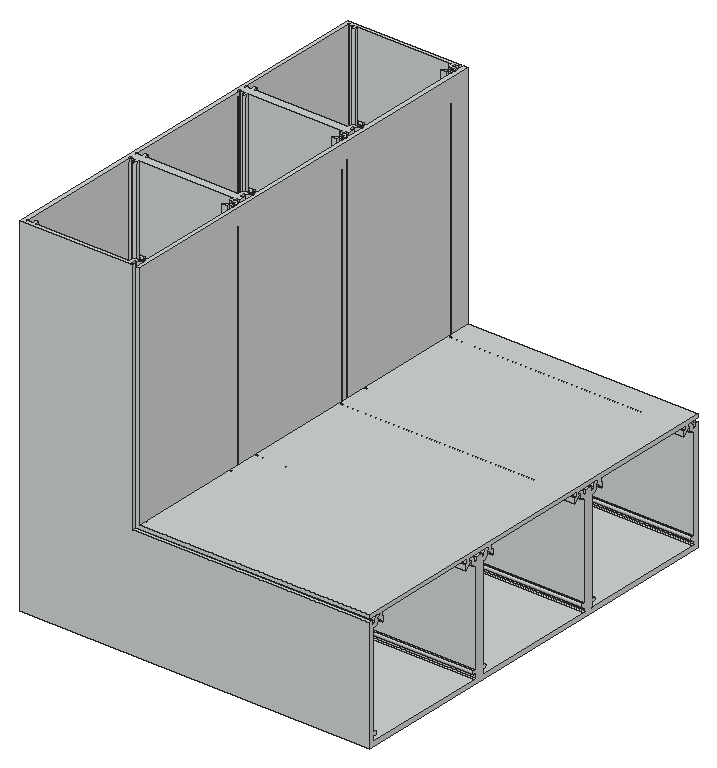
Revit family "Specialty_Equipment-Metal_Raceway-Hubbell_Wiring-Internal_Elbow-HBLALU7617", category Specialty Equipment, host Face, Revit 2015
Parameters
  URL = "http://www.hubbell-wiring.com/"
  Product data url = "https://bimobject.com/hubbellpremisewiring/product/hubbell-metal-raceway-alu7620"
  Product Page URL = "http://ecatalog.hubbell-wiring.com/ProductInformation/ViewCatalog.aspx?Dest=hubbell-wiring.com/press/catalog/r.pdf"
  Product Documentation Link = "http://www.hubbell-wiring.com/press/pdfs/h5233r08.pdf"
  Model = "HBLALU7617"  # constant formula
  Manufacturer = "Hubbell Wiring Device Kellems"  # constant formula
  Host Note = "Add in Section View; Host to Wall"  # constant formula
  Description = "Internal Elbow"  # constant formula
  Default Elevation = 48.00"
  Cable Tray Material = Metal-Hubbell-Aluminum
  B = 6.50"
  Assembly Code = "D5090900"
  A = 6.50"
Reference planes (in)
  plane 1 "Center (Front/Back)": y = 0
  plane 2: z = 0
  plane 3 "Center (Left/Right)": x = 0
  plane 4: z = 6.5
  plane 5: x = 6.5
  plane 6: y = 7.62
  plane 7: y = 5.08
  plane 8: y = 2.54
  plane 9: x = 2.2302809
  plane 10: z = 2.2302809
  plane 11: y = 7.62
Forms (in)
  Sweep 1, solid, material "Metal-Hubbell-Aluminum" <- "Cable Tray Material"
    path origin (0, 0, 0) x (1, 0, 0) y (0, 0, 1)
      loop
        line (0, 6.5) -> (0, 0) -> (6.5, 0)
    profile origin (0, 0, 3.25) x (0, -1, 0) y (1, 0, 0)
      loop
        line (0, 2.2302809) -> (-3, 2.2302809) -> (-7.62, 2.2302809) -> (-7.62, 2.1554684) -> (-7.4139531, 2.1554684)
        arc (-7.4139531, 2.1554684) -> (-7.3864408, 2.1134973) -> (-7.4293001, 2.0873901) r 0.0349125
        line (-7.4293001, 2.0873901) -> (-7.3136966, 1.9717866) -> (-7.3136966, 2.0756684) -> (-7.3456875, 2.0756684) -> (-7.3456875, 2.1554684) -> (-5.3618125, 2.1554684) -> (-5.3618125, 2.0756684) -> (-5.3938034, 2.0756684) -> (-5.3938034, 1.9717866) -> (-5.2793271, 2.0862629)
        arc (-5.2793271, 2.0862629) -> (-5.3144137, 2.1210878) -> (-5.2795013, 2.1560875) r 0.0349125
        line (-5.2795013, 2.1560875) -> (-5.08, 2.1560875) -> (-4.8739531, 2.1554684)
        arc (-4.8739531, 2.1554684) -> (-4.8464408, 2.1134973) -> (-4.8893001, 2.0873901) r 0.0349125
        line (-4.8893001, 2.0873901) -> (-4.7736966, 1.9717866) -> (-4.7736966, 2.0756684) -> (-4.8056875, 2.0756684) -> (-4.8056875, 2.1554684) -> (-2.8218125, 2.1554684) -> (-2.8218125, 2.0756684) -> (-2.8538034, 2.0756684) -> (-2.8538034, 1.9717866) -> (-2.7393271, 2.0862629)
        arc (-2.7393271, 2.0862629) -> (-2.7744137, 2.1210878) -> (-2.7395013, 2.1560875) r 0.0349125
        line (-2.7395013, 2.1560875) -> (-2.54, 2.1560875) -> (-2.3339531, 2.1554684)
        arc (-2.3339531, 2.1554684) -> (-2.3064408, 2.1134973) -> (-2.3493001, 2.0873901) r 0.0349125
        line (-2.3493001, 2.0873901) -> (-2.2336966, 1.9717866) -> (-2.2336966, 2.0756684) -> (-2.2656875, 2.0756684) -> (-2.2656875, 2.1554684) -> (-0.2818125, 2.1554684) -> (-0.2818125, 2.0756684) -> (-0.3138034, 2.0756684) -> (-0.3138034, 1.9717866) -> (-0.1993271, 2.0862629)
        arc (-0.1993271, 2.0862629) -> (-0.2344137, 2.1210878) -> (-0.1995013, 2.1560875) r 0.0349125
        line (-0.1995013, 2.1560875) -> (0, 2.1560875) -> (0, 2.2302809)
      loop
        line (-3, 0) -> (0, 0) -> (0, 2.09475) -> (-0.057375, 2.09475) -> (-0.057375, 2.0349) -> (-0.1197187, 2.0349) -> (-0.1197187, 2.0664504)
        arc (-0.1197187, 2.0664504) -> (-0.1403522, 2.1212783) -> (-0.1920136, 2.1488994) r 0.0831621
        arc (-0.1920136, 2.1488994) -> (-0.2211636, 2.1176071) -> (-0.1820625, 2.1002856) r 0.0262527
        line (-0.1820625, 2.1002856) -> (-0.1820625, 2.0498625)
        arc (-0.1820625, 2.0498625) -> (-0.1508063, 1.9877686) -> (-0.0823125, 1.9758859) r 0.0773063
        line (-0.0823125, 1.9758859) -> (-0.0823125, 0.2306719) -> (-0.1209656, 0.2306719)
        arc (-0.1209656, 0.2306719) -> (-0.1521375, 0.1995) -> (-0.1209656, 0.1683281) r 0.0311719
        line (-0.1209656, 0.1683281) -> (-0.0823125, 0.1683281) -> (-0.0823125, 0.0973833)
        arc (-0.0823125, 0.0973833) -> (-0.0717962, 0.0642962) -> (-0.1048833, 0.0748125) r 0.0195469
        line (-0.1048833, 0.0748125) -> (-2.4426167, 0.0748125)
        arc (-2.4426167, 0.0748125) -> (-2.4764729, 0.0635271) -> (-2.4651875, 0.0973833) r 0.01995
        line (-2.4651875, 0.0973833) -> (-2.4651875, 0.1683281) -> (-2.4265344, 0.1683281)
        arc (-2.4265344, 0.1683281) -> (-2.3953625, 0.1995) -> (-2.4265344, 0.2306719) r 0.0311719
        line (-2.4265344, 0.2306719) -> (-2.4651875, 0.2306719) -> (-2.4651875, 1.9758859)
        arc (-2.4651875, 1.9758859) -> (-2.3966937, 1.9877686) -> (-2.3654375, 2.0498625) r 0.0773063
        line (-2.3654375, 2.0498625) -> (-2.3654375, 2.1002856)
        arc (-2.3654375, 2.1002856) -> (-2.3264591, 2.1177064) -> (-2.3556309, 2.1488802) r 0.0262183
        arc (-2.3556309, 2.1488802) -> (-2.4071959, 2.1212234) -> (-2.4277813, 2.0664504) r 0.0831621
        line (-2.4277813, 2.0664504) -> (-2.4277813, 2.0349) -> (-2.490125, 2.0349) -> (-2.490125, 2.09475) -> (-2.54, 2.09475) -> (-2.597375, 2.09475) -> (-2.597375, 2.0349) -> (-2.6597188, 2.0349) -> (-2.6597188, 2.0664504)
        arc (-2.6597188, 2.0664504) -> (-2.6803522, 2.1212783) -> (-2.7320136, 2.1488994) r 0.0831621
        arc (-2.7320136, 2.1488994) -> (-2.7611636, 2.1176071) -> (-2.7220625, 2.1002856) r 0.0262527
        line (-2.7220625, 2.1002856) -> (-2.7220625, 2.0498625)
        arc (-2.7220625, 2.0498625) -> (-2.6908063, 1.9877686) -> (-2.6223125, 1.9758859) r 0.0773063
        line (-2.6223125, 1.9758859) -> (-2.6223125, 0.2306719) -> (-2.6609656, 0.2306719)
        arc (-2.6609656, 0.2306719) -> (-2.6921375, 0.1995) -> (-2.6609656, 0.1683281) r 0.0311719
        line (-2.6609656, 0.1683281) -> (-2.6223125, 0.1683281) -> (-2.6223125, 0.0973833)
        arc (-2.6223125, 0.0973833) -> (-2.6117962, 0.0642962) -> (-2.6448833, 0.0748125) r 0.0195469
        line (-2.6448833, 0.0748125) -> (-4.9826167, 0.0748125)
        arc (-4.9826167, 0.0748125) -> (-5.0164729, 0.0635271) -> (-5.0051875, 0.0973833) r 0.01995
        line (-5.0051875, 0.0973833) -> (-5.0051875, 0.1683281) -> (-4.9665344, 0.1683281)
        arc (-4.9665344, 0.1683281) -> (-4.9353625, 0.1995) -> (-4.9665344, 0.2306719) r 0.0311719
        line (-4.9665344, 0.2306719) -> (-5.0051875, 0.2306719) -> (-5.0051875, 1.9758859)
        arc (-5.0051875, 1.9758859) -> (-4.9366937, 1.9877686) -> (-4.9054375, 2.0498625) r 0.0773063
        line (-4.9054375, 2.0498625) -> (-4.9054375, 2.1002856)
        arc (-4.9054375, 2.1002856) -> (-4.8664591, 2.1177064) -> (-4.8956309, 2.1488802) r 0.0262183
        arc (-4.8956309, 2.1488802) -> (-4.9471959, 2.1212234) -> (-4.9677813, 2.0664504) r 0.0831621
        line (-4.9677813, 2.0664504) -> (-4.9677813, 2.0349) -> (-5.030125, 2.0349) -> (-5.030125, 2.09475) -> (-5.08, 2.09475) -> (-5.137375, 2.09475) -> (-5.137375, 2.0349) -> (-5.1997188, 2.0349) -> (-5.1997188, 2.0664504)
        arc (-5.1997188, 2.0664504) -> (-5.2203522, 2.1212783) -> (-5.2720136, 2.1488994) r 0.0831621
        arc (-5.2720136, 2.1488994) -> (-5.3011636, 2.1176071) -> (-5.2620625, 2.1002856) r 0.0262527
        line (-5.2620625, 2.1002856) -> (-5.2620625, 2.0498625)
        arc (-5.2620625, 2.0498625) -> (-5.2308063, 1.9877686) -> (-5.1623125, 1.9758859) r 0.0773063
        line (-5.1623125, 1.9758859) -> (-5.1623125, 0.2306719) -> (-5.2009656, 0.2306719)
        arc (-5.2009656, 0.2306719) -> (-5.2321375, 0.1995) -> (-5.2009656, 0.1683281) r 0.0311719
        line (-5.2009656, 0.1683281) -> (-5.1623125, 0.1683281) -> (-5.1623125, 0.0973833)
        arc (-5.1623125, 0.0973833) -> (-5.1517962, 0.0642962) -> (-5.1848833, 0.0748125) r 0.0195469
        line (-5.1848833, 0.0748125) -> (-7.5226167, 0.0748125)
        arc (-7.5226167, 0.0748125) -> (-7.5564729, 0.0635271) -> (-7.5451875, 0.0973833) r 0.01995
        line (-7.5451875, 0.0973833) -> (-7.5451875, 0.1683281) -> (-7.5065344, 0.1683281)
        arc (-7.5065344, 0.1683281) -> (-7.4753625, 0.1995) -> (-7.5065344, 0.2306719) r 0.0311719
        line (-7.5065344, 0.2306719) -> (-7.5451875, 0.2306719) -> (-7.5451875, 1.9758859)
        arc (-7.5451875, 1.9758859) -> (-7.4766937, 1.9877686) -> (-7.4454375, 2.0498625) r 0.0773063
        line (-7.4454375, 2.0498625) -> (-7.4454375, 2.1002856)
        arc (-7.4454375, 2.1002856) -> (-7.4064591, 2.1177064) -> (-7.4356309, 2.1488802) r 0.0262183
        arc (-7.4356309, 2.1488802) -> (-7.4871959, 2.1212234) -> (-7.5077813, 2.0664504) r 0.0831621
        line (-7.5077813, 2.0664504) -> (-7.5077813, 2.0349) -> (-7.570125, 2.0349) -> (-7.570125, 2.09475) -> (-7.62, 2.09475) -> (-7.62, 0) -> (-3, 0)
Lines and regions (in)
  model lines
    curve 1: line (0, 0, 0) -> (2.09475, 0, 2.09475)
  symbolic lines, style "Symbolic Lines"
    curve 2: line (0, 0, 6.5) -> (2.2302809, 0, 6.5)
    curve 3: line (2.2302809, 0, 6.5) -> (2.2302809, 0, 2.2302809)
    curve 4: line (2.2302809, 0, 2.2302809) -> (6.5, 0, 2.2302809)
    curve 5: line (6.5, 0, 2.2302809) -> (6.5, 0, 0)
    curve 6: line (6.5, 0, 0) -> (0, 0, 0)
    curve 7: line (0, 0, 0) -> (0, 0, 6.5)
    curve 9: line (0, 7.62, 6.5) -> (0, 0, 6.5)
    curve 10: line (0, 7.62, 0) -> (0, 7.62, 6.5)
    curve 11: line (0, 0, 0) -> (0, 7.62, 0)
    curve 12: line (0, 0, 6.5) -> (0, 0, 0)
    curve 13: line (0, 7.62, 0) -> (6.5, 7.62, 0)
    curve 14: line (0, 0, 0) -> (0, 7.62, 0)
    curve 15: line (6.5, 0, 0) -> (0, 0, 0)
    curve 16: line (6.5, 7.62, 0) -> (6.5, 0, 0)
  symbolic lines, detail levels medium+fine
    curve 8: line (0, 0, 0) -> (2.2302809, 0, 2.2302809)
  symbolic lines, style "Symbolic Lines", detail levels medium+fine
    curve 17: line (2.2302809, 7.62, 0) -> (2.2302809, 0, 0)
    curve 18: line (0, 5.0652726, 0) -> (2.2302809, 5.0652726, 0)
    curve 19: line (0, 2.5359817, 0) -> (2.2302809, 2.5359817, 0)
    curve 20: line (0, 7.62, 2.2302809) -> (0, 0, 2.2302809)
    curve 21: line (0, 5.1623125, 0) -> (0, 5.1623125, 2.2302809)
    curve 22: line (0, 2.6223125, 0) -> (0, 2.6223125, 2.2302809)
Dimensions and locks (in)
  "A": plane 5 to plane 3 "Center (Left/Right)"
  "B": plane 4 to host face
  plane 6 to plane 7 to plane 8 to profile plane = 2.54", 2.54", 2.54"
  aligned and locked: plane 2 to host face
  aligned and locked: level to host face
  aligned and locked: Sweep 1 sketch curve to plane 3 "Center (Left/Right)"
  aligned and locked: Sweep 1 sketch curve to level
  aligned and locked: curve 2 to Sweep 1
  aligned and locked: curve 5 to Sweep 1
  aligned and locked: curve 8 to curve 1
  aligned and locked: Sweep 1 to curve 9
  aligned and locked: curve 16 to Sweep 1
  aligned and locked: curve 13 to Sweep 1
  aligned and locked: curve 10 to Sweep 1
  aligned and locked: curve 15 to plane 1 "Center (Front/Back)"
  aligned and locked: plane 3 "Center (Left/Right)" to curve 14
  aligned and locked: curve 17 to Sweep 1
  aligned and locked: plane 2 to curve 6
  aligned and locked: plane 3 "Center (Left/Right)" to curve 7
  aligned and locked: curve 4 to Sweep 1
  aligned and locked: curve 3 to Sweep 1
  aligned and locked: curve 11 to plane 2
  aligned and locked: plane 1 "Center (Front/Back)" to curve 12
  aligned and locked: curve 20 to Sweep 1
  aligned and locked: curve 21 to Sweep 1
  aligned and locked: curve 22 to Sweep 1
  aligned and locked: plane 10 to Sweep 1
  aligned and locked: plane 9 to Sweep 1
  aligned and locked: plane 11 to Sweep 1
Automatic sketch dimensions
  host sketch curve to host sketch curve = 96.00"  (x2)
  Sweep 1 sketch curve to plane 5 = 0.00"
  Sweep 1 sketch curve to plane 4 = 0.00"
  Sweep 1 sketch curve to plane 6 = 0.00"  (x2)
  Sweep 1 sketch curve to plane 7 = 0.00"  (x3)
  Sweep 1 sketch curve to profile plane = 0.00"
  Sweep 1 sketch curve to plane 8 = 0.00"  (x3)
  plane 1 "Center (Front/Back)" to Sweep 1 sketch curve = 0.00"  (x2)
  Sweep 1 sketch curve to plane 6 = 0.04987"
  Sweep 1 sketch curve to plane 6 = 0.07481"
  Sweep 1 sketch curve to Sweep 1 sketch curve = 0.00"  (x12)
  Sweep 1 sketch curve to Sweep 1 sketch curve = 0.00282"  (x6)
  Sweep 1 sketch curve to Sweep 1 sketch curve = 0.04738"  (x5)
  Sweep 1 sketch curve to Sweep 1 sketch curve = 0.01975"  (x3)
  Sweep 1 sketch curve to Sweep 1 sketch curve = 0.01496"  (x12)
  Sweep 1 sketch curve to Sweep 1 sketch curve = 0.03865"  (x8)
  Sweep 1 sketch curve to Sweep 1 sketch curve = 0.06234"  (x6)
  Sweep 1 sketch curve to Sweep 1 sketch curve = 0.00981"  (x3)
  Sweep 1 sketch curve to Sweep 1 sketch curve = 0.00347"  (x2)
  Sweep 1 sketch curve to Sweep 1 sketch curve = 0.01614"  (x3)
  Sweep 1 sketch curve to Sweep 1 sketch curve = 0.00468"  (x3)
  Sweep 1 sketch curve to Sweep 1 sketch curve = 0.01166"  (x3)
  Sweep 1 sketch curve to Sweep 1 sketch curve = 0.02168"  (x3)
  Sweep 1 sketch curve to Sweep 1 sketch curve = 0.06827"  (x3)
  Sweep 1 sketch curve to Sweep 1 sketch curve = 0.03199"  (x6)
  plane 7 to Sweep 1 sketch curve = 0.3138"
  Sweep 1 sketch curve to Sweep 1 sketch curve = 0.07893"  (x3)
  Sweep 1 sketch curve to Sweep 1 sketch curve = 0.08231"  (x2)
  Sweep 1 sketch curve to Sweep 1 sketch curve = 0.00355"  (x3)
  Sweep 1 sketch curve to Sweep 1 sketch curve = 0.00406"  (x3)
  Sweep 1 sketch curve to Sweep 1 sketch curve = 0.00749"  (x3)
  Sweep 1 sketch curve to Sweep 1 sketch curve = 0.01726"  (x2)
  plane 7 to Sweep 1 sketch curve = 0.12097"
  Sweep 1 sketch curve to Sweep 1 sketch curve = 0.01608"  (x3)
  Sweep 1 sketch curve to Sweep 1 sketch curve = 0.01927"  (x3)
  Sweep 1 sketch curve to plane 7 = 0.04987"
  Sweep 1 sketch curve to plane 7 = 0.07481"  (x2)
  plane 8 to Sweep 1 sketch curve = 0.46"  (x2)
  Sweep 1 sketch curve to Sweep 1 sketch curve = 0.1462"
  Sweep 1 sketch curve to Sweep 1 sketch curve = 0.02082"
  plane 8 to Sweep 1 sketch curve = 0.12097"
  Sweep 1 sketch curve to plane 8 = 0.04987"
  Sweep 1 sketch curve to Sweep 1 sketch curve = 0.02494"
  Sweep 1 sketch curve to plane 8 = 0.07481"
  Sweep 1 sketch curve to Sweep 1 sketch curve = 0.01328"
  Sweep 1 sketch curve to plane 1 "Center (Front/Back)" = 0.3138"
  Sweep 1 sketch curve to Sweep 1 sketch curve = 0.00338"
  Sweep 1 sketch curve to plane 1 "Center (Front/Back)" = 0.12097"
  Sweep 1 sketch curve to Sweep 1 sketch curve = 0.03741"
  Sweep 1 sketch curve to Sweep 1 sketch curve = 0.05737"
  Sweep 1 sketch curve to profile plane = 0.07481"  (x3)
  Sweep 1 sketch curve to Sweep 1 sketch curve = 0.00331"  (x3)
  Sweep 1 sketch curve to Sweep 1 sketch curve = 0.07094"  (x6)
  Sweep 1 sketch curve to Sweep 1 sketch curve = 0.03117"  (x6)
  Sweep 1 sketch curve to Sweep 1 sketch curve = 1.74111"  (x4)
  Sweep 1 sketch curve to Sweep 1 sketch curve = 0.0041"  (x4)
  Sweep 1 sketch curve to Sweep 1 sketch curve = 0.01659"  (x6)
  Sweep 1 sketch curve to Sweep 1 sketch curve = 0.10388"  (x4)
  Sweep 1 sketch curve to Sweep 1 sketch curve = 0.00922"  (x2)
  Sweep 1 sketch curve to Sweep 1 sketch curve = 0.01981"  (x3)
  Sweep 1 sketch curve to Sweep 1 sketch curve = 0.0129"  (x3)
  Sweep 1 sketch curve to Sweep 1 sketch curve = 0.05985"  (x4)
  Sweep 1 sketch curve to Sweep 1 sketch curve = 0.0017"  (x3)
  Sweep 1 sketch curve to Sweep 1 sketch curve = 0.00172"  (x3)
  Sweep 1 sketch curve to Sweep 1 sketch curve = 0.0798"  (x2)
  Sweep 1 sketch curve to Sweep 1 sketch curve = 0.07481"
  curve 19 to plane 1 "Center (Front/Back)" = 2.53598"
  curve 19 to curve 18 = 2.52929"
  curve 1 to level = 0.00"
  curve 1 to plane 3 "Center (Left/Right)" = 0.00"
  level to curve 1 = 2.09475"
  plane 3 "Center (Left/Right)" to curve 1 = 2.09475"
